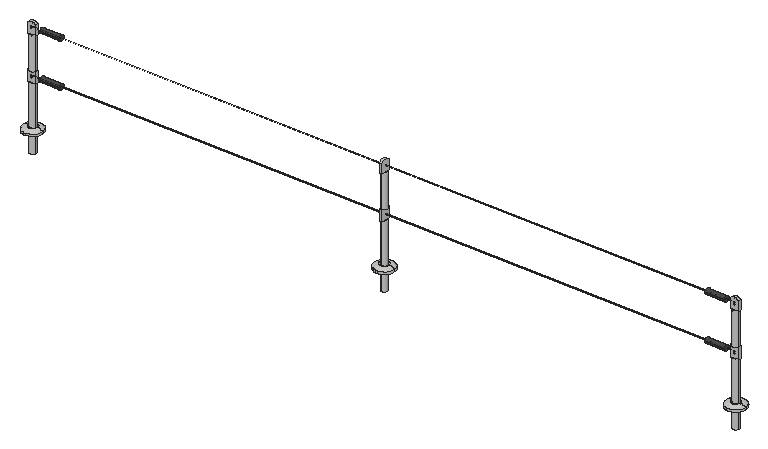
Revit family "Post_and_Wire_Bird_Deterrent_Nixalite", category Specialty Equipment, Revit 2015
Parameters (values of type "Nail Point Tall")
  rightcover [instance] = and(Right Post Visible, Cover)  # yes
  rightbase [instance] = and(Right Post Visible, Base Visible)  # no
  leftcover [instance] = and(Left Post Visible, Cover)  # yes
  leftbase [instance] = and(Left Post Visible, Base Visible)  # no
  guidecover [instance] = and(Include Guide Post, Cover)  # yes
  guidebase [instance] = and(Include Guide Post, Base Visible)  # no
  Warranty Duration (Years) = 0
  URL = "http://www.nixalite.com"
  Test Data = ""
  Spring Finish = Metal - Black
  Right Post Visible [instance] = yes
  Recess Into Host = 0' - 1"
  Specification = "http://arcat.com/sdspecs/htm/10290nix.htm"
  SpecWizard = ""
  Send Message = "http://www.arcat.com/users.pl?action=UserEmail&company=Nixalite+Architectural+Bird+Control&coid=34486&rep=111&fax=309-755-0077&mf="
  Sales Information = "http://www.nixalite.com/customerservices.aspx"
  Product Properties = ""
  Product Data = "http://www.arcat.com/arcatcos/cos34/arc34486.html"
  Model = "Nail Point 6\""
  Post Finish = Metal - Stainless Steel
  Mid Wire Height = (Height - 0' 9" / 16) * 0.5  # 0' - 2 7/32"
  Manufacturer Website = "http://www.nixalite.com"
  Manufacturer Phone - Toll Free = "888-624-1189"
  Manufacturer Phone = "309-755-8771"
  Manufacturer Fax = "888-624-1196"
  Manufacturer Address = "1025 16th Ave.   East Moline, IL 61244"
  Manufacturer = "Nixalite Architectural Bird Control"
  Maintenance Schedule (Months) = 0
  Left Post Visible [instance] = yes
  Keynote = "10290"
  Installation_Fabricaton = "http://www.nixalite.com/installingnixalite.aspx"
  Installation Phase = ""
  Include Guide Post [instance] = yes
  Height = 0' - 5"
  Guide Post Location from Left [instance] = 1' - 6"
  Green Building-LEED = "http://www.arcat.com/green/clients/leed_data_34486.html"
  Wire Finish = Metal - Stainless Steel
  Expected Lifespan (Years) = 0
  Drawn By = "Sumex Design, Inc. / Robert S. Weygant. CSI, CDT, SCIP"
  Distance Between Posts [instance] = 3' - 0"
  Description = "Nixalite Post and Wire Deterrent System - Nail Point Tall as Specified"
  Default Elevation = 0' - 0"
  Cover = not(Base Visible)  # yes
  Copyright = "©Arcat Inc."
  Construction Details = "http://www.arcat.com/details/nixalite/nixalite.html?coid=34486"
  Building Codes = ""
  Base Visible = no
  Assembly Code = "E1090900"
Types (4): name | rightcover | rightbase | leftcover | leftbase | guidecover | guidebase | Recess Into Host | Model | Mid Wire Height | Height | Description | Cover | Base Visible
  Nail Point Tall | yes | no | yes | no | yes | no | 0' - 1" | "Nail Point 6\"" | 0' - 2 7/32" | 0' - 5" | "Nixalite Post and Wire Deterrent System - Nail Point Tall as Specified" | yes | no
  Nail Point Short | yes | no | yes | no | yes | no | 0' - 1" | "Nail Point 4.5\"" | 0' - 1 15/32" | 0' - 3 1/2" | "Nixalite Post and Wire Deterrent System - Nail Point Short as Specified" | yes | no
  Flite Base Tall | no | yes | no | yes | no | yes | 0' - 0" | "Flite Base 5\"" | 0' - 2 7/32" | 0' - 5" | "Nixalite Post and Wire Deterrent System - Flite Base Tall as Specified" | no | yes
  Flite Base Short | no | yes | no | yes | no | yes | 0' - 0" | "Flite Base 3.5\"" | 0' - 1 15/32" | 0' - 3 1/2" | "Nixalite Post and Wire Deterrent System - Flite Base Short as Specified" | no | yes
Reference planes (in)
  plane 1 "Center (Front/Back)": y = 430.29678
  plane 2: z = 0
  plane 3 "Left": x = 872.40298
  plane 4: x = 908.40298
  plane 5: z = 5
  plane 6: z = 4.74527
  plane 7: z = 2.5
  plane 8: z = -1
  plane 9: x = 890.40298
Forms (in)
  Extrusion 1, solid, material "Metal - Stainless Steel" <- "Post Finish"
    sketch origin (0, 430.29678, 0) x (1, 0, 0) y (0, 0, 1)
      loop
        line (872.62173, 4.43594) -> (872.62173, 4.91517)
        arc (872.62173, 4.91517) -> (872.40298, 5) -> (872.18423, 4.91517) r 0.32447
        line (872.18423, 4.91517) -> (872.18423, 4.43594) -> (872.62173, 4.43594)
      loop
        line (872.62173, 2.21875) -> (872.62173, 2.78125) -> (872.18423, 2.78125) -> (872.18423, 2.21875) -> (872.62173, 2.21875)
      loop
        circle (872.40298, 4.74527) r 0.0625
      loop
        circle (872.40298, 2.5) r 0.0625
    from -0.0625 to 0.0625
  Sweep 2, solid, material "Metal - Stainless Steel" <- "Post Finish"
    path origin (0, 430.29678, 0) x (1, 0, 0) y (0, 0, 1)
      loop
        line (872.40298, -1) -> (872.40298, 2.21875)
    profile origin (872.40298, 430.29678, 0.60938) x (-1, 0, 0) y (0, -1, 0)
      loop
        circle (0, 0) r 0.15625
  Sweep 3, solid, material "Metal - Stainless Steel" <- "Post Finish"
    path origin (0, 430.29678, 0) x (1, 0, 0) y (0, 0, 1)
      loop
        line (872.40298, 2.78125) -> (872.40298, 4.43594)
    profile origin (872.40298, 430.29678, 3.60859) x (-1, 0, 0) y (0, -1, 0)
      loop
        circle (0, 0) r 0.15625
  Extrusion 4, solid, material "Metal - Stainless Steel" <- "Post Finish"
    sketch origin (24, 430.29678, 0) x (1, 0, 0) y (0, 0, 1)
      loop
        line (884.62173, 4.43594) -> (884.62173, 4.91517)
        arc (884.62173, 4.91517) -> (884.40298, 5) -> (884.18423, 4.91517) r 0.32447
        line (884.18423, 4.91517) -> (884.18423, 4.43594) -> (884.62173, 4.43594)
      loop
        line (884.62173, 2.78125) -> (884.18423, 2.78125) -> (884.18423, 2.21875) -> (884.62173, 2.21875) -> (884.62173, 2.78125)
      loop
        circle (884.40298, 4.74527) r 0.0625
      loop
        circle (884.40298, 2.5) r 0.0625
    from -0.0625 to 0.0625
  Sweep 5, solid, material "Metal - Stainless Steel" <- "Post Finish"
    path origin (24, 430.29678, 0) x (1, 0, 0) y (0, 0, 1)
      loop
        line (884.40298, -1) -> (884.40298, 2.21875)
    profile origin (908.40298, 430.29678, 0.60938) x (-1, 0, 0) y (0, -1, 0)
      loop
        circle (0, 0) r 0.15625
  Sweep 6, solid, material "Metal - Stainless Steel" <- "Post Finish"
    path origin (24, 430.29678, 0) x (1, 0, 0) y (0, 0, 1)
      loop
        line (884.40298, 2.78125) -> (884.40298, 4.43594)
    profile origin (908.40298, 430.29678, 3.60859) x (-1, 0, 0) y (0, -1, 0)
      loop
        circle (0, 0) r 0.15625
  Sweep 7, solid, material "Metal - Stainless Steel" <- "Wire Finish", detail levels medium+fine
    path in 3D
      loop
        line (872.40298, 430.29678, 4.74527) -> (908.40298, 430.29678, 4.74527)
    profile origin (890.40298, 430.29678, 4.74527) x (0, 0, 1) y (0, -1, 0)
      loop
        circle (0, 0) r 0.01562
  Sweep 8, solid, material "Metal - Stainless Steel" <- "Wire Finish", detail levels medium+fine
    path in 3D
      loop
        line (872.40298, 430.29678, 2.5) -> (908.40298, 430.29678, 2.5)
    profile origin (890.40298, 430.29678, 2.5) x (0, 0, 1) y (0, -1, 0)
      loop
        circle (0, 0) r 0.01562
  Extrusion 9, solid, material "Metal - Stainless Steel" <- "Post Finish", visible <- "leftbase"
    sketch origin (0, 0, 0) x (1, 0, 0) y (0, 1, 0)
      loop
        line (871.52798, 429.42178) -> (873.27798, 429.42178) -> (873.27798, 431.17178) -> (871.52798, 431.17178) -> (871.52798, 429.42178)
    from 0 to 0.07874
  Extrusion 10, solid, material "Metal - Stainless Steel" <- "Post Finish", visible <- "Include Guide Post"
    sketch origin (890.40298, 431.17178, 48) x (0, -1, 0) y (0, 0, 1)
      loop
        line (1.09375, -43.56406) -> (1.09375, -43.08483)
        arc (1.09375, -43.08483) -> (0.875, -43) -> (0.65625, -43.08483) r 0.32447
        line (0.65625, -43.08483) -> (0.65625, -43.56406) -> (1.09375, -43.56406)
      loop
        line (1.09375, -45.21875) -> (0.65625, -45.21875) -> (0.65625, -45.78125) -> (1.09375, -45.78125) -> (1.09375, -45.21875)
      loop
        circle (0.875, -43.25473) r 0.0625
      loop
        circle (0.875, -45.5) r 0.0625
    from -0.0625 to 0.0625
  Sweep 11, solid, material "Metal - Stainless Steel" <- "Post Finish", visible <- "Include Guide Post"
    path origin (890.40298, 1302.69976, 0) x (0, -1, 0) y (0, 0, 1)
      loop
        line (872.40298, -1) -> (872.40298, 2.21875)
    profile origin (890.40298, 430.29678, 0.60937) x (0, 1, 0) y (-1, 0, 0)
      loop
        circle (0, 0) r 0.15625
  Sweep 12, solid, material "Metal - Stainless Steel" <- "Post Finish", visible <- "Include Guide Post"
    path origin (890.40298, 1302.69976, 0) x (0, -1, 0) y (0, 0, 1)
      loop
        line (872.40298, 2.78125) -> (872.40298, 4.43594)
    profile origin (890.40298, 430.29678, 3.60859) x (0, 1, 0) y (-1, 0, 0)
      loop
        circle (0, 0) r 0.15625
  Extrusion 13, solid, material "Metal - Stainless Steel" <- "Post Finish", visible <- "guidebase"
    sketch origin (18, 0, 0) x (1, 0, 0) y (0, 1, 0)
      loop
        line (873.27798, 429.42178) -> (873.27798, 431.17178) -> (871.52798, 431.17178) -> (871.52798, 429.42178) -> (873.27798, 429.42178)
    from 0 to 0.07874
  Revolve 14, solid, material "Metal - Stainless Steel" <- "Post Finish", visible <- "leftcover"
    sketch origin (0, 430.29678, 0) x (1, 0, 0) y (0, 0, 1)
      loop
        line (872.40298, 0) -> (872.40298, 0.20374) -> (872.14109, 0.20374)
        arc (872.14109, 0.20374) -> (872.00663, 0.17059) -> (871.90298, 0.07874) r 0.28929
        line (871.90298, 0.07874) -> (871.90298, 0) -> (872.40298, 0)
      axis (872.40298, 0.20374) -> (872.40298, 0)
    angle from 0 to 360
  Revolve 15, solid, material "Metal - Stainless Steel" <- "Post Finish", visible <- "rightcover"
    sketch origin (1780.80596, 430.29678, 0) x (-1, 0, 0) y (0, 0, 1)
      loop
        line (872.40298, 0) -> (872.40298, 0.20374) -> (872.14109, 0.20374)
        arc (872.14109, 0.20374) -> (872.00663, 0.17059) -> (871.90298, 0.07874) r 0.28929
        line (871.90298, 0.07874) -> (871.90298, 0) -> (872.40298, 0)
      axis (872.40298, 0.20374) -> (872.40298, 0)
    angle from 0 to 360
  Revolve 16, solid, material "Metal - Stainless Steel" <- "Post Finish", visible <- "guidecover"
    sketch origin (1762.80596, 430.29678, 0) x (-1, 0, 0) y (0, 0, 1)
      loop
        line (872.40298, 0) -> (872.40298, 0.20374) -> (872.14109, 0.20374)
        arc (872.14109, 0.20374) -> (872.00663, 0.17059) -> (871.90298, 0.07874) r 0.28929
        line (871.90298, 0.07874) -> (871.90298, 0) -> (872.40298, 0)
      axis (872.40298, 0.20374) -> (872.40298, 0)
    angle from 0 to 360
  Extrusion 17, solid, material "Metal - Stainless Steel" <- "Post Finish", visible <- "rightbase"
    sketch origin (0, 0, 0) x (1, 0, 0) y (0, 1, 0)
      loop
        line (907.52798, 429.42178) -> (909.27798, 429.42178) -> (909.27798, 431.17178) -> (907.52798, 431.17178) -> (907.52798, 429.42178)
    from 0 to 0.07874
Lines and regions (in)
  model lines, detail levels coarse
    curve 1: line (872.40298, 430.29678, 4.74527) -> (908.40298, 430.29678, 4.74527)
    curve 2: line (872.40298, 430.29678, 2.5) -> (908.40298, 430.29678, 2.5)
  sketch lines
    curve 3: line (872.40298, 430.29678, 4.74527) -> (908.40298, 430.29678, 4.74527)
    curve 4: line (872.40298, 430.29678, 2.5) -> (908.40298, 430.29678, 2.5)
Dimensions and locks (in)
  "Distance Between Posts": plane 3 "Left" to plane 4
  plane 3 "Left" to plane 4 = 3' - 0"
  "Height": plane 5 to plane 2
  curve 1 to Sweep 6 = 0' - 0.30933"
  Extrusion 9 sketch curve to plane 3 "Left" to Extrusion 9 sketch curve = 0' - 0 7/8" locked, 0' - 0 7/8" locked
  locked: plane 5 to plane 6 at 0.25473
  plane 7 to level = 0' - 2 1/2"
  locked: Extrusion 4 sketch curve to plane 6 at 0
  locked: plane 5 to Extrusion 4 sketch curve at 0.56406
  locked: plane 5 to Extrusion 4 sketch curve
  Extrusion 4 sketch curve to plane 7 to Extrusion 4 sketch curve = 0' - 0 9/32" locked, 0' - 0 9/32" locked
  locked: Extrusion 4 sketch curve to plane 7 at 0
  "Recess Into Host": level to plane 8
  locked: plane 5 to Extrusion 1 sketch curve at 0
  locked: plane 5 to Extrusion 1 sketch curve at 0.56406
  locked: Extrusion 1 sketch curve to plane 6 at 0
  Extrusion 1 sketch curve to plane 7 to Extrusion 1 sketch curve = 0' - 0 9/32" locked, 0' - 0 9/32" locked
  locked: plane 7 to Extrusion 1 sketch curve at 0
  locked: Extrusion 13 sketch curve to Extrusion 13 sketch curve at 1.75
  "Guide Post Location from Left": plane 3 "Left" to plane 9
  locked: Extrusion 13 sketch curve to plane 9 at 0.875
  locked: plane 9 to Sweep 12 sketch curve
  Extrusion 10 sketch curve to plane 7 to Extrusion 10 sketch curve = 0' - 0 9/32" locked, 0' - 0 9/32" locked
  locked: Extrusion 10 sketch curve to plane 7 at 0
  locked: plane 5 to Extrusion 10 sketch curve at 0
  locked: plane 5 to Extrusion 10 sketch curve at 0.56406
  locked: plane 6 to Extrusion 10 sketch curve at 0
  locked: Revolve 14 sketch curve to plane 3 "Left" at 0.5
  locked: Revolve 14 sketch curve to plane 3 "Left" at 0.26189
  plane 4 to Revolve 15 sketch curve to Revolve 15 sketch curve = 0' - 0.26189" locked, 0' - 0.23811" locked
  plane 9 to Revolve 16 sketch curve to Revolve 16 sketch curve = 0' - 0.26189" locked, 0' - 0.23811" locked
  locked: Extrusion 17 sketch curve to Extrusion 17 sketch curve at 1.75
  locked: plane 4 to Extrusion 17 sketch curve at 0.875
  aligned and locked: Sweep 2 sketch curve to plane 3 "Left"
  aligned: Extrusion 4 to Sweep 5 sketch curve
  aligned: Extrusion 4 to Sweep 6 sketch curve  (x2)
  aligned: Extrusion 1 to nested 1
  aligned and locked: Extrusion 4 to nested 4
  aligned: nested 2 to Extrusion 1
  aligned and locked: Extrusion 4 to nested 3
  aligned and locked: plane 6 to curve 1
  aligned and locked: plane 7 to curve 2
  aligned and locked: Extrusion 4 to Sweep 6 sketch curve  (x2)
  aligned and locked: Extrusion 4 to Sweep 5 sketch curve
  aligned and locked: plane 8 to Sweep 2 sketch curve
  aligned and locked: plane 8 to Sweep 5 sketch curve
  aligned and locked: plane 4 to curve 1
  aligned and locked: plane 4 to curve 2
  aligned and locked: plane 3 "Left" to curve 1
  aligned and locked: plane 3 "Left" to curve 2
  aligned and locked: Extrusion 1 to Sweep 3 sketch curve  (x2)
  aligned and locked: Extrusion 1 to Sweep 2 sketch curve
  aligned and locked: Extrusion 10 to Sweep 12 sketch curve  (x2)
  aligned and locked: Extrusion 10 to Sweep 11 sketch curve
  aligned and locked: plane 8 to Sweep 11 sketch curve
  aligned and locked: plane 4 to Revolve 15 sketch curve
  aligned and locked: plane 9 to Revolve 16 sketch curve
Automatic sketch dimensions
  plane 3 "Left" to Extrusion 1 sketch curve = 0' - 0"  (x3)
  plane 3 "Left" to Extrusion 1 sketch curve = 0' - 0 7/32"  (x2)
  Extrusion 1 sketch curve to plane 3 "Left" = 0' - 0 7/32"  (x2)
  plane 6 to Extrusion 1 sketch curve = 0' - 0.06974"
  plane 3 "Left" to Sweep 3 sketch curve = 0' - 0"
  plane 4 to Extrusion 4 sketch curve = 0' - 0"  (x3)
  plane 4 to Extrusion 4 sketch curve = 0' - 0 7/32"  (x2)
  Extrusion 4 sketch curve to plane 4 = 0' - 0 7/32"  (x2)
  plane 6 to Extrusion 4 sketch curve = 0' - 0.06974"
  plane 4 to Sweep 5 sketch curve = 0' - 0"
  plane 4 to Sweep 6 sketch curve = 0' - 0"
  plane 1 "Center (Front/Back)" to Extrusion 9 sketch curve = 0' - 0 7/8"
  Extrusion 9 sketch curve to plane 1 "Center (Front/Back)" = 0' - 0 7/8"
  profile plane to Sweep 7 sketch curve = 0' - 0"
  Sweep 7 sketch curve to profile plane = 0' - 0"
  profile plane to Sweep 8 sketch curve = 0' - 0"
  Sweep 8 sketch curve to profile plane = 0' - 0"
  plane 1 "Center (Front/Back)" to Sweep 2 sketch curve = 0' - 0"
  Sweep 2 sketch curve to profile plane = 0' - 0"
  plane 1 "Center (Front/Back)" to Sweep 3 sketch curve = 0' - 0"
  Sweep 3 sketch curve to profile plane = 0' - 0"
  plane 1 "Center (Front/Back)" to Sweep 6 sketch curve = 0' - 0"
  Sweep 6 sketch curve to profile plane = 0' - 0"
  plane 1 "Center (Front/Back)" to Sweep 5 sketch curve = 0' - 0"
  Sweep 5 sketch curve to profile plane = 0' - 0"
  Extrusion 10 sketch curve to plane 1 "Center (Front/Back)" = 0' - 0"  (x3)
  Extrusion 10 sketch curve to plane 1 "Center (Front/Back)" = 0' - 0 7/32"  (x2)
  plane 1 "Center (Front/Back)" to Extrusion 10 sketch curve = 0' - 0 7/32"  (x2)
  plane 6 to Extrusion 10 sketch curve = 0' - 0.06974"
  Sweep 11 sketch curve to plane 1 "Center (Front/Back)" = 0' - 0"
  Sweep 12 sketch curve to plane 1 "Center (Front/Back)" = 0' - 0"
  plane 1 "Center (Front/Back)" to Extrusion 13 sketch curve = 0' - 0 7/8"
  Extrusion 13 sketch curve to plane 1 "Center (Front/Back)" = 0' - 0 7/8"
  profile plane to Sweep 11 sketch curve = 0' - 0"
  Sweep 11 sketch curve to profile plane = 0' - 0"
  profile plane to Sweep 12 sketch curve = 0' - 0"
  plane 3 "Left" to Revolve 14 sketch curve = 0' - 0"  (x2)
  Revolve 14 sketch curve to level = 0' - 0"
  level to Revolve 14 sketch curve = 0' - 0.08555"
  plane 8 to Revolve 14 sketch curve = 0' - 0.27675"
  Revolve 14 sketch curve to Revolve 14 sketch curve = 0' - 0.07874"
  Revolve 14 sketch curve to Revolve 14 sketch curve = 0' - 0.77302"
  plane 4 to Revolve 15 sketch curve = 0' - 0"
  Revolve 15 sketch curve to level = 0' - 0"
  Revolve 15 sketch curve to level = 0' - 0.08555"
  Revolve 15 sketch curve to plane 8 = 0' - 0.27675"
  Revolve 15 sketch curve to Revolve 15 sketch curve = 0' - 0.07874"
  Revolve 15 sketch curve to Revolve 15 sketch curve = 0' - 0.77302"
  plane 9 to Revolve 16 sketch curve = 0' - 0"
  Revolve 16 sketch curve to level = 0' - 0"
  Revolve 16 sketch curve to level = 0' - 0.08555"
  Revolve 16 sketch curve to plane 8 = 0' - 0.27675"
  Revolve 16 sketch curve to Revolve 16 sketch curve = 0' - 0.07874"
  Revolve 16 sketch curve to Revolve 16 sketch curve = 0' - 0.77302"
  plane 1 "Center (Front/Back)" to Extrusion 17 sketch curve = 0' - 0 7/8"
  Extrusion 17 sketch curve to plane 1 "Center (Front/Back)" = 0' - 0 7/8"
  radius of Extrusion 1 sketch curve = 0' - 0 1/16"  (x2)
  radius of Extrusion 4 sketch curve = 0' - 0 1/16"  (x2)
  radius of Sweep 7 sketch curve = 0' - 0 1/64"
  radius of Sweep 8 sketch curve = 0' - 0 1/64"
  radius of Sweep 2 sketch curve = 0' - 0 5/32"
  radius of Sweep 3 sketch curve = 0' - 0 5/32"
  radius of Sweep 6 sketch curve = 0' - 0 5/32"
  radius of Sweep 5 sketch curve = 0' - 0 5/32"
  radius of Extrusion 10 sketch curve = 0' - 0 1/16"  (x2)
  radius of Sweep 11 sketch curve = 0' - 0 5/32"
  radius of Sweep 12 sketch curve = 0' - 0 5/32"
Nested families (in)
  nested 1: "Spring" at (872.62173, 430.29678, 4.74527), type "Spring"
  nested 2: "Spring" at (872.62173, 430.29678, 2.5), type "Spring"
  nested 3: "Spring" at (906.68423, 430.29678, 4.74527), type "Spring"
  nested 4: "Spring" at (906.68423, 430.29678, 2.5), type "Spring"
Definition of nested family "Spring"
  Parameters
    Material = none
    Default Elevation = 4' - 0"
  Reference planes (in)
    plane 1 "Center (Front/Back)": y = 0
    plane 2: z = 0
    plane 3 "Center (Left/Right)": x = 0
    plane 4: x = 1.5
  Forms (in)
    Sweep 1, solid, material <- "Material"
      path in 3D
        loop
          line (0.25, 0, 0) -> (1.25, 0, 0)
      profile "PR-Circle : Spring" origin (0.75, 0, 0) x (0, 1, 0) y (0, 0, 1)
        loop
          circle (0, 0) r 0.125
  Lines and regions (in)
    reference lines
      curve 1: line (0.25, 0, 0) -> (1.25, 0, 0)
    sketch lines
      curve 2: line (0.25, 0, 0) -> (1.25, 0, 0)
  Dimensions and locks (in)
    plane 3 "Center (Left/Right)" to curve 1 = 0' - 0 1/4"
    curve 1 to plane 4 = 0' - 0 1/4"
